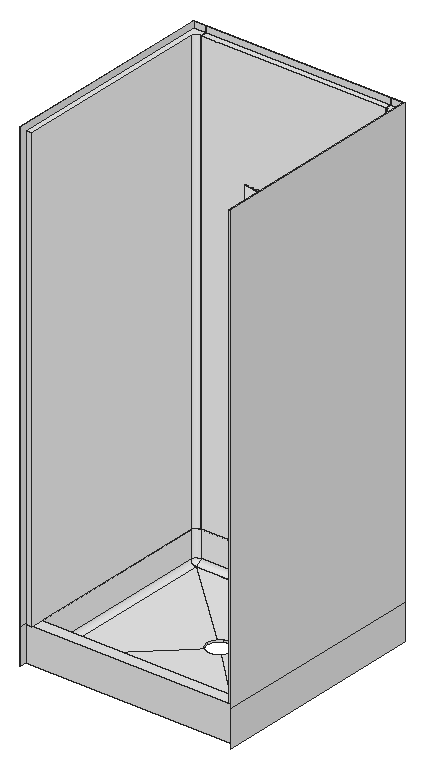
Revit family "4LRS3636", category Plumbing Fixtures, Revit 2016
Family settings
  Part Type = Normal
  Round Connector Dimension = Use Diameter
  OmniClass Number = 23.45.05.14.17
  OmniClass Title = Showers
  Work Plane-Based = No
  Always vertical = Yes
  Cut with Voids When Loaded = No
  Shared = No
  Room Calculation Point = No
Parameters (values of type "4LRS3636")
  Unit Width = 36"
  Unit Height = 82 3/8"
  URL = "http://www.bestbath.com/"
  Type Comments = "Remodeler"
  Model = "4LRS3636"
  Material [instance] = Best Bath Gelcoat Fiberglass -  RealTile
  Manufacturer = "Best Bath Systems"
  Keynote = "22 40 00.B3"
  Description = "Real Tile Finish"
  Assembly Code = "D2010710"
Reference planes (in)
  plane 1 "Back": y = -0.5
  plane 2: z = 0
  plane 3 "Left": x = 0
  plane 4: x = 36
  plane 5: y = -36.5
  plane 6: z = 81.375
  plane 7: z = 0.625
  plane 8: z = 82.375
  plane 9: x = 18
  plane 10: y = -1.75
  plane 11: y = -17.5
  plane 12: z = 0.25
  plane 13: z = 6
  plane 14: y = -37.5
  plane 15: z = 13.25
  plane 16: z = 48.25
Forms (in)
  Extrusion 1, solid, material "Best Bath Gelcoat Fiberglass - Smooth"
    sketch origin (0, 0, 0) x (1, 0, 0) y (0, 1, 0)
      loop
        line (0, -0.5) -> (0, -36.5) -> (36, -36.5) -> (36, -0.5) -> (0, -0.5)
      loop
        circle (18, -17.5) r 2.0625
    from 0 to 0.625
  Extrusion 2, solid, material "Best Bath Gelcoat Fiberglass - Smooth"
    sketch origin (0, 0, 0) x (1, 0, 0) y (0, 1, 0)
      loop
        line (2.25, -0.5) -> (2.25, -1.75) -> (33.75, -1.75) -> (33.75, -0.5) -> (2.25, -0.5)
    from 6 to 81.375
  Extrusion 3, solid, material "Best Bath Gelcoat Fiberglass - Smooth"
    sketch origin (0, 0, 0) x (1, 0, 0) y (0, 1, 0)
      loop
        line (0, -36.5) -> (1.25, -36.5) -> (1.25, -2.75)
        arc (1.25, -2.75) -> (1.54289, -2.04289) -> (2.25, -1.75) r 1
        line (2.25, -1.75) -> (33.75, -1.75)
        arc (33.75, -1.75) -> (34.45711, -2.04289) -> (34.75, -2.75) r 1
        line (34.75, -2.75) -> (34.75, -36.5) -> (36, -36.5) -> (36, -0.5) -> (0, -0.5) -> (0, -36.5)
    from 0 to 6
  Extrusion 4, solid, material "Best Bath Gelcoat Fiberglass - Smooth"
    sketch origin (0, 0, 0) x (1, 0, 0) y (0, 1, 0)
      loop
        line (0, -36.5) -> (1.25, -36.5) -> (1.25, -2.75)
        arc (1.25, -2.75) -> (1.54289, -2.04289) -> (2.25, -1.75) r 1
        line (2.25, -1.75) -> (2.25, -0.5) -> (0, -0.5) -> (0, -36.5)
      loop
        line (34.75, -36.5) -> (36, -36.5) -> (36, -0.5) -> (33.75, -0.5) -> (33.75, -1.75)
        arc (33.75, -1.75) -> (34.45711, -2.04289) -> (34.75, -2.75) r 1
        line (34.75, -2.75) -> (34.75, -36.5)
    from 6 to 81.375
  Sweep 5, solid, material "Best Bath Gelcoat Fiberglass - Smooth"
    path origin (0, 0, 0) x (1, 0, 0) y (0, 1, 0)
      loop
        line (1.25, -36.5) -> (1.25, -2.75)
        arc (1.25, -2.75) -> (1.54289, -2.04289) -> (2.25, -1.75) r 1
        line (2.25, -1.75) -> (33.75, -1.75)
        arc (33.75, -1.75) -> (34.45711, -2.04289) -> (34.75, -2.75) r 1
        line (34.75, -2.75) -> (34.75, -36.5)
    profile origin (1.25, -19.625, 0) x (-1, 0, 0) y (0, 0, 1)
      loop
        line (0, 0.625) -> (0, 1.525)
        arc (0, 1.525) -> (-0.2636, 0.8886) -> (-0.9, 0.625) r 0.9
        line (-0.9, 0.625) -> (0, 0.625)
  Blend 6, void
    base sketch origin (0, 0, 0) x (1, 0, 0) y (0, 1, 0)
      loop
        line (2.25, -33.5) -> (33.75, -33.5) -> (33.75, -2.75) -> (2.25, -2.75) -> (2.25, -33.5)
    top sketch origin (0, 0, 0) x (1, 0, 0) y (0, 1, 0)
      loop
        circle (18, -17.5) r 0.05278
    from 0.625 to 0.25
  Sweep 7, solid, material "Best Bath Gelcoat Fiberglass - Smooth"
    path origin (0, 0, 0) x (1, 0, 0) y (0, 1, 0)
      loop
        line (1.25, -36.5) -> (34.75, -36.5)
    profile origin (18, -36.5, 0) x (0, 1, 0) y (0, 0, 1)
      loop
        line (0, 0) -> (3.11628, 0) -> (2, 6) -> (0, 6) -> (0, 0)
  Extrusion 8, solid, material "Best Bath Gelcoat Fiberglass - Smooth"
    sketch origin (0, 0, 0) x (1, 0, 0) y (0, 1, 0)
      loop
        line (0, -36.5) -> (0, -37.5) -> (0.125, -37.5) -> (0.125, -36.5) -> (0, -36.5)
      loop
        line (36, -36.5) -> (35.875, -36.5) -> (35.875, -37.5) -> (36, -37.5) -> (36, -36.5)
    from 0 to 6
  Extrusion 9, solid, material "Best Bath Gelcoat Fiberglass - Smooth"
    sketch origin (0, 0, 0) x (1, 0, 0) y (0, 1, 0)
      loop
        line (2.25, -0.5) -> (2.25, -0.625) -> (33.75, -0.625) -> (33.75, -0.5) -> (2.25, -0.5)
    from 81.375 to 82.375
  Extrusion 10, solid, material "Best Bath Gelcoat Fiberglass - Smooth"
    sketch origin (0, 0, 0) x (1, 0, 0) y (0, 1, 0)
      loop
        line (0, -37.5) -> (0.125, -37.5) -> (0.125, -0.63322) -> (2.25, -0.63322) -> (2.25, -0.5) -> (0, -0.5) -> (0, -37.5)
      loop
        line (36, -37.5) -> (36, -0.5) -> (33.75, -0.5) -> (33.75, -0.63322) -> (35.875, -0.63322) -> (35.875, -37.5) -> (36, -37.5)
    from 6 to 82.375
  Blend 11, solid, material "Best Bath Gelcoat Fiberglass - Smooth"
    base sketch origin (-29.75, -38, -30.75) x (1, 0, 0) y (0, 0, 1)
      loop
        line (56, 44) -> (39.5, 44) -> (39.5, 40.625) -> (56, 40.625) -> (56, 44)
    top sketch origin (-29.75, -38, -30.75) x (1, 0, 0) y (0, 0, 1)
      loop
        line (41.5, 44) -> (41.5, 42.5625) -> (54, 42.5625) -> (54, 44) -> (41.5, 44)
    from -36.25 to -33.25
  Blend 12, void
    base sketch origin (-33.95727, -38.25, -30.75) x (1, 0, 0) y (0, 0, 1)
      loop
        line (43.70727, 44) -> (60.20727, 44) -> (60.20727, 52.75) -> (43.70727, 52.75) -> (43.70727, 44)
    top sketch origin (-33.95727, -38.25, -30.75) x (1, 0, 0) y (0, 0, 1)
      loop
        line (44.70727, 44) -> (59.20727, 44) -> (59.20727, 51.75) -> (44.70727, 51.75) -> (44.70727, 44)
    from -36.5 to -37.5
  Blend 13, solid, material "Best Bath Gelcoat Fiberglass - Smooth"
    base sketch origin (-29.75, -38, 4.25) x (1, 0, 0) y (0, 0, 1)
      loop
        line (56, 44) -> (39.5, 44) -> (39.5, 40.625) -> (56, 40.625) -> (56, 44)
    top sketch origin (-29.75, -38, 4.25) x (1, 0, 0) y (0, 0, 1)
      loop
        line (41.5, 44) -> (41.5, 42.5625) -> (54, 42.5625) -> (54, 44) -> (41.5, 44)
    from -36.25 to -33.25
  Blend 14, void
    base sketch origin (-33.95727, -38.25, 4.25) x (1, 0, 0) y (0, 0, 1)
      loop
        line (43.70727, 44) -> (60.20727, 44) -> (60.20727, 57) -> (43.70727, 57) -> (43.70727, 44)
    top sketch origin (-33.95727, -38.25, 4.25) x (1, 0, 0) y (0, 0, 1)
      loop
        line (44.70727, 44) -> (59.20727, 44) -> (59.20727, 56) -> (44.70727, 56) -> (44.70727, 44)
    from -36.5 to -37.5
Cuts and joins
  Blend 6 cuts Extrusion 1
  Blend 6 cuts Extrusion 3
  Blend 6 cuts Sweep 5
  joined: Extrusion 1, Extrusion 3, Sweep 5, Sweep 7, Extrusion 8
  Blend 12, Blend 14 cuts Extrusion 2
  Blend 12, Blend 14 cuts Extrusion 9
  joined: Extrusion 2, Extrusion 9, Blend 11, Blend 13
  joined: Extrusion 4, Extrusion 10
Dimensions and locks (in)
  "Unit Width": plane 3 "Left" to plane 4
  locked: plane 7 to level at 0.625
  locked: plane 8 to plane 6 at 1
  "Unit Height": plane 8 to level
  equal spacing: plane 3 "Left", plane 9, plane 4
  plane 1 "Back" to plane 11 = 17"
  plane 10 to plane 1 "Back" = 1 1/4"
  locked: plane 7 to plane 12 at 0.375
  locked: plane 13 to level at 6
  locked: plane 5 to plane 14 at 1
  locked: plane 14 to plane 1 "Back" at 37
  plane 15 to plane 13 = 7 1/4"
  locked: plane 16 to plane 15 at 35
  aligned and locked: level to plane 2
  aligned and locked: plane 7 to Extrusion 1
  aligned and locked: plane 5 to Extrusion 1 sketch curve
  aligned and locked: plane 4 to Extrusion 1 sketch curve
  aligned and locked: Extrusion 2 sketch curve to Extrusion 1
  aligned and locked: Extrusion 2 sketch curve to plane 10
  aligned and locked: plane 11 to Extrusion 1 sketch curve
  aligned and locked: plane 9 to Extrusion 1 sketch curve
  aligned and locked: plane 13 to Extrusion 3
  aligned and locked: Extrusion 2 to plane 13
  aligned and locked: plane 6 to Extrusion 2
  aligned and locked: Extrusion 4 to Extrusion 2
  aligned and locked: plane 6 to Extrusion 4
  aligned and locked: Sweep 5 sketch curve to plane 7
  aligned and locked: plane 11 to Blend 6 sketch curve
  aligned and locked: plane 9 to Blend 6 sketch curve
  aligned and locked: Extrusion 1 to Blend 6
  aligned and locked: Blend 6 to plane 12
  aligned and locked: Extrusion 8 to Extrusion 2
  aligned and locked: Extrusion 9 to plane 6
  aligned and locked: plane 8 to Extrusion 9
  aligned and locked: Extrusion 10 to plane 13
  aligned and locked: plane 8 to Extrusion 10
  aligned and locked: plane 15 to Blend 11
  aligned and locked: cut or joined group of Extrusion 2, Extrusion 9, Blend 11, Blend 12, Blend 13, Blend 14 to plane 15
  aligned and locked: plane 16 to Blend 13
  aligned and locked: cut or joined group of Extrusion 2, Extrusion 9, Blend 11, Blend 12, Blend 13, Blend 14 to plane 16
Automatic sketch dimensions
  Extrusion 1 sketch curve to plane 3 "Left" = 0"
  plane 1 "Back" to Extrusion 1 sketch curve = 0"
  plane 1 "Back" to Extrusion 3 sketch curve = 0"
  Extrusion 3 sketch curve to plane 3 "Left" = 0"
  Extrusion 3 sketch curve to plane 5 = 0"  (x2)
  Extrusion 3 sketch curve to plane 10 = 0"
  Extrusion 3 sketch curve to plane 4 = 0"
  plane 4 to Extrusion 3 sketch curve = 1 1/4"
  Extrusion 3 sketch curve to plane 10 = 1"
  plane 3 "Left" to Extrusion 3 sketch curve = 1 1/4"
  Extrusion 3 sketch curve to Extrusion 3 sketch curve = 1"
  Sweep 5 sketch curve to plane 10 = 0"
  plane 3 "Left" to Sweep 5 sketch curve = 1 1/4"
  Sweep 5 sketch curve to plane 10 = 1"  (x2)
  Sweep 5 sketch curve to plane 5 = 0"  (x2)
  plane 4 to Sweep 5 sketch curve = 2 1/4"
  Sweep 5 sketch curve to profile plane = 0"
  profile plane to Sweep 5 sketch curve = 0.9"
  Extrusion 4 sketch curve to plane 3 "Left" = 0"
  Extrusion 4 sketch curve to plane 5 = 0"  (x2)
  plane 1 "Back" to Extrusion 4 sketch curve = 0"  (x2)
  Extrusion 4 sketch curve to plane 10 = 0"  (x2)
  Extrusion 4 sketch curve to plane 4 = 0"
  Extrusion 4 sketch curve to Extrusion 4 sketch curve = 1 1/4"
  Extrusion 4 sketch curve to Extrusion 4 sketch curve = 2 1/4"
  plane 4 to Extrusion 4 sketch curve = 2 1/4"
  plane 4 to Extrusion 4 sketch curve = 1 1/4"
  plane 4 to Extrusion 2 sketch curve = 2 1/4"
  plane 3 "Left" to Extrusion 2 sketch curve = 2 1/4"
  Sweep 7 sketch curve to plane 5 = 0"
  plane 3 "Left" to Sweep 7 sketch curve = 1 1/4"
  plane 4 to Sweep 7 sketch curve = 1 1/4"
  Sweep 7 sketch curve to profile plane = 0"
  level to Sweep 7 sketch curve = 6"
  Sweep 7 sketch curve to profile plane = 3.11628"
  Sweep 7 sketch curve to profile plane = 2"
  level to Sweep 7 sketch curve = 0"
  Blend 6 sketch curve to plane 10 = 1"
  plane 3 "Left" to Blend 6 sketch curve = 2 1/4"
  plane 5 to Blend 6 sketch curve = 3"
  plane 4 to Blend 6 sketch curve = 2 1/4"
  Extrusion 8 sketch curve to plane 3 "Left" = 0"
  Extrusion 8 sketch curve to plane 14 = 0"  (x2)
  Extrusion 8 sketch curve to plane 5 = 0"  (x2)
  Extrusion 8 sketch curve to plane 4 = 0"
  plane 3 "Left" to Extrusion 8 sketch curve = 1/8"
  plane 4 to Extrusion 8 sketch curve = 1/8"
  plane 1 "Back" to Extrusion 9 sketch curve = 0"
  plane 3 "Left" to Extrusion 9 sketch curve = 2 1/4"
  plane 4 to Extrusion 9 sketch curve = 2 1/4"
  plane 1 "Back" to Extrusion 9 sketch curve = 1/8"
  Extrusion 10 sketch curve to plane 3 "Left" = 0"
  Extrusion 10 sketch curve to plane 14 = 0"  (x2)
  plane 1 "Back" to Extrusion 10 sketch curve = 0"  (x2)
  Extrusion 10 sketch curve to plane 4 = 0"
  plane 3 "Left" to Extrusion 10 sketch curve = 1/8"
  plane 1 "Back" to Extrusion 10 sketch curve = 0.13322"  (x2)
  Extrusion 10 sketch curve to Extrusion 10 sketch curve = 2 1/8"
  plane 4 to Extrusion 10 sketch curve = 2 1/4"
  plane 4 to Extrusion 10 sketch curve = 1/8"
  Blend 11 sketch curve to plane 15 = 0"  (x2)
  plane 9 to Blend 11 sketch curve = 8 1/4"
  Blend 11 sketch curve to plane 15 = 3 3/8"
  Blend 11 sketch curve to plane 9 = 8 1/4"
  Blend 11 sketch curve to plane 15 = 1 7/16"
  plane 9 to Blend 11 sketch curve = 6 1/4"
  Blend 11 sketch curve to plane 9 = 6 1/4"
  Blend 12 sketch curve to plane 15 = 0"  (x2)
  plane 9 to Blend 12 sketch curve = 8 1/4"
  Blend 12 sketch curve to plane 9 = 8 1/4"
  Blend 12 sketch curve to Blend 12 sketch curve = 8 3/4"
  plane 9 to Blend 12 sketch curve = 7 1/4"
  Blend 12 sketch curve to plane 9 = 7 1/4"
  Blend 12 sketch curve to Blend 12 sketch curve = 7 3/4"
  Blend 13 sketch curve to plane 16 = 0"  (x2)
  plane 9 to Blend 13 sketch curve = 8 1/4"
  Blend 13 sketch curve to plane 16 = 3 3/8"
  Blend 13 sketch curve to plane 9 = 8 1/4"
  Blend 13 sketch curve to plane 16 = 1 7/16"
  plane 9 to Blend 13 sketch curve = 6 1/4"
  Blend 13 sketch curve to plane 9 = 6 1/4"
  plane 9 to Blend 14 sketch curve = 8 1/4"
  Blend 14 sketch curve to plane 9 = 8 1/4"
  plane 16 to Blend 14 sketch curve = 0"  (x2)
  Blend 14 sketch curve to Blend 14 sketch curve = 13"
  plane 9 to Blend 14 sketch curve = 7 1/4"
  Blend 14 sketch curve to plane 9 = 7 1/4"
  Blend 14 sketch curve to Blend 14 sketch curve = 12"
  radius of Extrusion 1 sketch curve = 2 1/16"
  radius of Blend 6 sketch curve = 0.05278"
